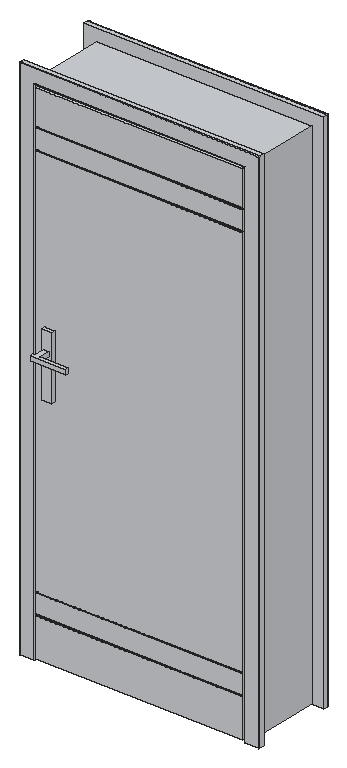
Revit family "PortaVECTORbp_D", category Drzwi, Revit 2016
Family settings
  Obiekt nadrzędny = Ściana
  Zawsze pionowo = Tak
  Tnij formami wycięć po wczytaniu = Nie
  Współdzielony = Nie
  Punkt obliczania pomieszczeń = Nie
Parameters (values of type "PN 80")
  Zakres szerokości muru [instance] = if(and(Szerokość ściany > 94 mm, Szerokość ściany < 120 mm), "B", (if(and(Szerokość ściany > 119 mm, Szerokość ściany < 140 mm), "C", (if(and(Szerokość ściany > 139 mm, Szerokość ściany < 160 mm), "D", (if(and(Szerokość ściany > 159 mm, Szerokość ściany < 180 mm), "E", (if(and(Szerokość ściany > 179 mm, Szerokość ściany < 200 mm), "F", (if(and(Szerokość ściany > 199 mm, Szerokość ściany < 220 mm), "G", (if(and(Szerokość ściany > 219 mm, Szerokość ściany < 240 mm), "H", (if(and(Szerokość ściany > 239 mm, Szerokość ściany < 260 mm), "I", (if(and(Szerokość ściany > 259 mm, Szerokość ściany < 280 mm), "J", (if(and(Szerokość ściany > 279 mm, Szerokość ściany < 301 mm), "K", "BRAK")))))))))))))))))))  # "K"
  Wysokość brutto = 2060 mm
  Szerokość ściany [instance] = 300 mm
  Szerokość brutto = 880 mm
  Model = "Porta Vector D"
  Konstrukcja analityczna = "<Brak>"
  Funkcja = Wewnętrzna
  URL = "www.porta.com.pl"
  Ss = 818 mm
  Sb = 846 mm
  Producent = "PORTA KMI POLAND"
  Keynote = ""
  Opis = "Własność Porta KMI Poland, wszelkie prawa zastrzeżone."  # constant formula
  Wysokość = 2016 mm
  Zakończenie ściany = Wg obiektu nadrzędnego
  Szerokość = 800 mm
  Materiał_skrzydło [instance] = none
  Materiał_ościeżnica [instance] = none
  Materiał_klamka [instance] = none
  Hs = 2017 mm
Types (5, lengths in mm): name | Szerokość brutto | Ss | Sb | Szerokość
  PN 70 | 780 | 718 | 746 | 700
  PN 60 | 680 | 618 | 646 | 600
  PN 80 | 880 | 818 | 846 | 800
  PN 90 | 980 | 918 | 946 | 900
  PN 100 | 1080 | 1018 | 1046 | 1000
Reference planes
  plane 1: y = 0
  plane 2 "Środek (Lewa/Prawa)": x = 0
  plane 3 "Lewy": x = -440
  plane 4 "Prawy": x = 440
  plane 5: z = 2060
  plane 6 "Zewnętrzna": y = 150
  plane 7 "Wewnętrzna": y = -150
  plane 8 "skrzydło": y = -129
Forms (mm)
  Sweep 1, solid, material <- "Materiał_ościeżnica"
    path in 3D
      loop
        line (-440, -150, 0) -> (-440, -150, 2060) -> (440, -150, 2060) -> (440, -150, 0)
    profile origin (-440, -150, 1030) x (0, -1, 0) y (1, 0, 0)
      loop
        line (-24, 39) -> (-72, 39) -> (-72, 17) -> (0, 17) -> (0, -33) -> (16, -33)
        arc (16, -33) -> (18.121, -32.121) -> (19, -30) r 3
        line (19, -30) -> (19, 24)
        arc (19, 24) -> (18.121, 26.121) -> (16, 27) r 3
        line (16, 27) -> (-24, 27) -> (-24, 39)
  Sweep 2, solid, material <- "Materiał_ościeżnica"
    path in 3D
      loop
        line (440, 150, 0) -> (440, 150, 2060) -> (-440, 150, 2060) -> (-440, 150, 0)
    profile origin (-440, 150, 1030) x (1, 0, 0) y (0, 1, 0)
      loop
        line (-33, 0) -> (17, 0) -> (17, -228) -> (39, -228) -> (39, -1)
        arc (39, -1) -> (37.536, 2.536) -> (34, 4) r 5
        line (34, 4) -> (25, 4) -> (25, 16)
        arc (25, 16) -> (24.121, 18.121) -> (22, 19) r 3
        line (22, 19) -> (-30, 19)
        arc (-30, 19) -> (-32.121, 18.121) -> (-33, 16) r 3
        line (-33, 16) -> (-33, 0)
  Sweep 3, solid, not visible
    path in 3D
      loop
        line (-440, -150, 0) -> (-440, -150, 2060)
    profile origin (-440, -150, 1030) x (0, -1, 0) y (1, 0, 0)
      loop
        line (-151, 17) -> (-149, 17) -> (-149, 19) -> (-151, 19) -> (-151, 17)
Cuts and joins
  joined: Sweep 1, Sweep 2
Lines and regions (mm)
  Opening 1
    outline origin (-3050, -150, 0) x (1, 0, 0) y (0, 0, 1)
      loop
        line (2610, 0) -> (3490, 0) -> (3490, 2060) -> (2610, 2060) -> (2610, 0)
  sketch lines
    curve 1: line (-440, -150, 0) -> (-440, -150, 2060)
    curve 2: line (-440, -150, 2060) -> (440, -150, 2060)
    curve 3: line (440, -150, 2060) -> (440, -150, 0)
    curve 4: line (-440, 150, 2060) -> (-440, 150, 0)
    curve 5: line (440, 150, 2060) -> (-440, 150, 2060)
    curve 6: line (440, 150, 0) -> (440, 150, 2060)
    curve 12: line (-440, -150, 0) -> (-440, -150, 2060)
  symbolic lines, style "DoorsPanelProjection"
    curve 7: line (409, -150, 0) -> (409, -968, 0)
    curve 8: line (409, -968, 0) -> (369, -968, 0)
    curve 9: line (369, -968, 0) -> (369, -150, 0)
    curve 10: line (369, -150, 0) -> (409, -150, 0)
  symbolic lines, style "Ugięcie rzutu"
    curve 11: arc (-409, -150, 0) -> (-169.413, -728.413, 0) -> (409, -968, 0) r 818
Text (mm)
  text "Zewnętrzna" at (-2295.016, 1099.543, 0), in view "Poziom odniesienia"
  text "Zewnętrzna" at (0, 1615.38, 3698.081), in view "Lewy"
  text "Zewnętrzna" at (0, 1036.032, 3874.932), in view "Prawy"
Dimensions and locks
  equal spacing: plane 3 "Lewy", plane 2 "Środek (Lewa/Prawa)", plane 4 "Prawy"
  "Szerokość brutto": plane 3 "Lewy" to plane 4 "Prawy"
  "Wysokość brutto": plane 5 to host wall
  host wall to plane 5 = 2060 mm  (x2)
  locked: plane 6 "Zewnętrzna" to host wall at 0
  locked: plane 7 "Wewnętrzna" to host wall
  "Sb": Sweep 1 to Sweep 1
  locked: Sweep 1 sketch curve to Sweep 1 sketch curve at 22
  Sweep 1 sketch curve to Sweep 1 sketch curve = 50 mm
  locked: Sweep 1 sketch curve to profile plane at 72
  locked: Sweep 2 sketch curve to Sweep 2 sketch curve at 50
  locked: Sweep 2 sketch curve to Sweep 2 sketch curve at 22
  locked: Sweep 2 sketch curve to plane 6 "Zewnętrzna" at 1
  locked: curve 9 to curve 7 at 40
  "Ss": curve 8 to curve 10
  equal spacing: curve 11, plane 2 "Środek (Lewa/Prawa)", curve 7
  locked: plane 7 "Wewnętrzna" to plane 8 "skrzydło" at 21
  locked: host wall to Sweep 3 sketch curve at 1
  locked: Sweep 3 sketch curve to host wall at 1
  locked: Sweep 3 sketch curve to plane 6 "Zewnętrzna" at 151
  locked: plane 7 "Wewnętrzna" to Sweep 3 sketch curve at 151
  equal spacing: nested 1, plane 2 "Środek (Lewa/Prawa)", nested 1
  locked: nested 1 to level at 8
  "Szerokość ściany": host wall to host wall
  aligned and locked: plane 3 "Lewy" to Opening 1 sketch curve
  aligned and locked: plane 5 to Opening 1 sketch curve  (x2)
  aligned and locked: Opening 1 sketch curve to plane 4 "Prawy"
  aligned and locked: Opening 1 sketch curve to level
  aligned and locked: plane 1 to host wall
  aligned and locked: Sweep 1 to Sweep 2 sketch curve
  aligned and locked: plane 7 "Wewnętrzna" to curve 10
  aligned and locked: Sweep 3 sketch curve to cut or joined group of Sweep 1, Sweep 2
  aligned and locked: Sweep 2 sketch curve to cut or joined group of Sweep 1, Sweep 2
  aligned and locked: nested 1 to plane 8 "skrzydło"
Automatic sketch dimensions
  profile plane to Sweep 1 sketch curve = 24 mm
  Sweep 1 sketch curve to profile plane = 16 mm  (x2)
  Sweep 1 sketch curve to Sweep 1 sketch curve = 3 mm
  profile plane to Sweep 1 sketch curve = 17 mm
  Sweep 1 sketch curve to Sweep 1 sketch curve = 7 mm
  Sweep 1 sketch curve to profile plane = 0 mm
  Sweep 2 sketch curve to profile plane = 0 mm
  Sweep 2 sketch curve to profile plane = 16 mm
  Sweep 2 sketch curve to Sweep 2 sketch curve = 3 mm
  Sweep 2 sketch curve to Sweep 2 sketch curve = 5 mm
  Sweep 2 sketch curve to profile plane = 4 mm
  Sweep 2 sketch curve to Sweep 2 sketch curve = 8 mm
  curve 11 to host wall = 0 mm
  Sweep 3 sketch curve to Sweep 3 sketch curve = 2 mm
Nested families
  nested 1: "skrzydło" at (0, -135.5, 0), Materiał_klamka <- "Materiał_klamka", Materiał_skrzydło <- "Materiał_skrzydło", type "skrzydło"
    with Materiał_skrzydło none, Materiał_klamka none
Definition of nested family "skrzydło"
  Parameters
    Ss = 818 mm
    Materiał_skrzydło [instance] = none
    Materiał_klamka [instance] = none
    Hs = 2017 mm
  Reference planes
    plane 1 "Tył": y = 6.5
    plane 2: z = 0
    plane 3 "Środek (Lewa/Prawa)": x = 0
    plane 4 "Lewa": x = -409
    plane 5 "Prawa": x = 409
    plane 6 "Przód": y = -33.5
    plane 7: z = 2025
    plane 8 "Centrum": y = -13.5
    plane 9: z = 8
  Forms (mm)
    Extrusion 1, solid, material <- "Materiał_skrzydło"
      sketch origin (-1191.728, -1524, 8) x (-1, 0, 0) y (0, -1, 0)
        loop
          line (-1600.728, -1490.5) -> (-1600.728, -1530.5) -> (-782.728, -1530.5) -> (-782.728, -1490.5) -> (-1600.728, -1490.5)
      from 0 to 2017
    Extrusion 2, void
      sketch origin (-409, 1871.473, 1200) x (0, -1, 0) y (0, 0, 1)
        loop
          line (1904.973, -1040) -> (1904.973, -1035.5) -> (1903.973, -1036.5) -> (1903.973, -1039) -> (1904.973, -1040)
        loop
          line (1864.973, -1040) -> (1865.973, -1039) -> (1865.973, -1036.5) -> (1864.973, -1035.5) -> (1864.973, -1040)
        loop
          line (1904.973, 681.5) -> (1904.973, 686) -> (1903.973, 685) -> (1903.973, 682.5) -> (1904.973, 681.5)
        loop
          line (1864.973, 681.5) -> (1865.973, 682.5) -> (1865.973, 685) -> (1864.973, 686) -> (1864.973, 681.5)
        loop
          line (1904.973, -959) -> (1904.973, -954.5) -> (1903.973, -955.5) -> (1903.973, -958) -> (1904.973, -959)
        loop
          line (1864.973, -959) -> (1865.973, -958) -> (1865.973, -955.5) -> (1864.973, -954.5) -> (1864.973, -959)
        loop
          line (1904.973, 600.5) -> (1904.973, 605) -> (1903.973, 604) -> (1903.973, 601.5) -> (1904.973, 600.5)
        loop
          line (1864.973, 600.5) -> (1865.973, 601.5) -> (1865.973, 604) -> (1864.973, 605) -> (1864.973, 600.5)
      from 0 to -818
  Cuts and joins
    Extrusion 2 cuts Extrusion 1
  Dimensions and locks
    equal spacing: plane 4 "Lewa", plane 3 "Środek (Lewa/Prawa)", plane 5 "Prawa"
    "Ss": plane 4 "Lewa" to plane 5 "Prawa"
    locked: plane 9 to level at 8
    "Hs": plane 7 to plane 9
    locked: nested 1 to plane 9 at 934
    locked: plane 9 to nested 2 at 934
    equal spacing: plane 6 "Przód", plane 8 "Centrum", plane 1 "Tył"
    locked: plane 4 "Lewa" to nested 1 at 55
    locked: plane 4 "Lewa" to nested 2 at 55
    aligned and locked: nested 1 to plane 6 "Przód"
    aligned and locked: plane 4 "Lewa" to Extrusion 1 sketch curve
    aligned and locked: plane 7 to Extrusion 1
    aligned and locked: nested 2 to nested 1
    aligned and locked: Extrusion 1 sketch curve to plane 5 "Prawa"
    aligned and locked: plane 5 "Prawa" to Extrusion 2
  Automatic sketch dimensions
    Extrusion 1 sketch curve to plane 6 "Przód" = 0 mm
    plane 1 "Tył" to Extrusion 1 sketch curve = 0 mm
    Extrusion 2 sketch curve to plane 1 "Tył" = 0 mm  (x4)
    Extrusion 2 sketch curve to plane 6 "Przód" = 0 mm  (x4)
    plane 1 "Tył" to Extrusion 2 sketch curve = 1 mm  (x4)
    plane 6 "Przód" to Extrusion 2 sketch curve = 1 mm  (x4)
    plane 9 to Extrusion 2 sketch curve = 152 mm
    Extrusion 2 sketch curve to Extrusion 2 sketch curve = 0 mm  (x4)
    Extrusion 2 sketch curve to Extrusion 2 sketch curve = 1 mm  (x16)
    Extrusion 2 sketch curve to Extrusion 2 sketch curve = 2.5 mm  (x8)
    Extrusion 2 sketch curve to Extrusion 2 sketch curve = 76.5 mm  (x2)
    Extrusion 2 sketch curve to plane 7 = 224.5 mm
  Nested families
    nested 1: "KLAMKA" at (-354, -33.5, 1067), Materiał klamki <- "Materiał_klamka", type "KLAMKA"
      with Materiał klamki none
    nested 2: "KLAMKA" at (-354, 6.5, 1067), Materiał klamki <- "Materiał_klamka", type "KLAMKA"
      with Materiał klamki none
  Definition of nested family "KLAMKA"
    Parameters
      Materiał klamki [instance] = none
      Assembly Code = ""
      Default Elevation = 1219.2 mm
    Reference planes
      plane 1 "Center (Front/Back)": y = 0
      plane 2: z = 0
      plane 3 "Center (Left/Right)": x = 0
      plane 4: z = 125
      plane 5: z = -125
      plane 6: x = 20
      plane 7: x = -20
      plane 8: y = -70
      plane 9: y = -60
      plane 10: x = 10
      plane 11: x = -10
      plane 12: x = 120
      plane 13: z = 35
      plane 14: z = 55
      plane 15: y = -15
    Forms (mm)
      Extrusion 1, solid, material <- "Materiał klamki"
        sketch origin (0, 0, 0) x (1, 0, 0) y (0, 0, 1)
          loop
            line (-20, 125) -> (-20, -125) -> (20, -125) -> (20, 125) -> (-20, 125)
        from 0 to 15
      Extrusion 2, solid, material <- "Materiał klamki"
        sketch origin (0, 0, 0) x (1, 0, 0) y (0, 1, 0)
          loop
            line (-10, -15) -> (-10, -60) -> (-20, -60) -> (-20, -70) -> (120, -70) -> (120, -60) -> (10, -60) -> (10, -15) -> (-10, -15)
        from 35 to 55
    Dimensions and locks
      equal spacing: plane 4, plane 2, plane 5
      plane 4 to plane 5 = 250 mm
      equal spacing: plane 7, plane 3 "Center (Left/Right)", plane 6
      plane 7 to plane 6 = 40 mm
      plane 8 to plane 1 "Center (Front/Back)" = 70 mm
      plane 11 to plane 3 "Center (Left/Right)" to plane 10 = 10 mm locked, 10 mm locked
      plane 7 to plane 12 = 140 mm
      plane 15 to plane 1 "Center (Front/Back)" = 15 mm
      aligned and locked: plane 7 to Extrusion 1 sketch curve
      aligned and locked: Extrusion 1 sketch curve to plane 4
      aligned and locked: plane 5 to Extrusion 1 sketch curve
      aligned and locked: Extrusion 1 sketch curve to plane 6
      aligned and locked: plane 15 to Extrusion 1
      aligned and locked: Extrusion 1 to plane 1 "Center (Front/Back)"
      aligned and locked: plane 14 to Extrusion 2
      aligned and locked: Extrusion 2 to plane 13
    Automatic sketch dimensions
      Extrusion 2 sketch curve to plane 7 = 0 mm
      Extrusion 2 sketch curve to plane 9 = 0 mm  (x2)
      Extrusion 2 sketch curve to plane 11 = 0 mm
      Extrusion 2 sketch curve to plane 10 = 0 mm
      Extrusion 2 sketch curve to plane 12 = 0 mm
      Extrusion 2 sketch curve to plane 8 = 0 mm
      Extrusion 2 sketch curve to plane 15 = 0 mm
